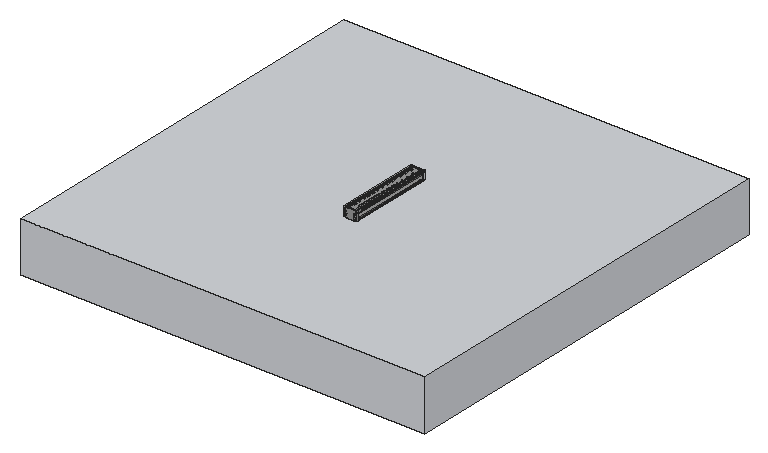
Revit family "L-trade 24-48_body", category Обобщенные модели, Revit 2017
Family settings
  Основа = Грань
  Может служить основой для арматурных стержней = Нет
  Размер круглого соединителя = Использовать диаметр
  Тип детали = Нормальный
  При загрузке вырезать с полостями = Нет
  Общий = Нет
  Точка расчета площади = Нет
Parameters
  Тип торцевой крышки = Trade 24-48 торцевая крышка : Trade Standart
  Расстояние от светильника до плоскости = 55.991 mm
  Default Elevation = 1219.2 mm
  Начало выдавливания = Длина профиля / 2 * (-1)  # -250 mm
  Конец выдавливания = Длина профиля / 2  # 250 mm
  Длина профиля = 500 mm
Reference planes
  plane 1 "По центру (Вперед/Назад)": y = 0
  plane 2: z = 0
  plane 3 "По центру (Влево/Вправо)": x = 0
  plane 4 "Плоскость расположения светильника": z = 55.991
Forms (mm)
  Extrusion 1, solid
    sketch origin (0, 0, 0) x (1, 0, 0) y (0, 1, 0)
      loop
        line (-1219.2, 1219.2) -> (-1219.2, -1219.2) -> (1219.2, -1219.2) -> (1219.2, 1219.2) -> (-1219.2, 1219.2)
    from 0 to -304.8
  Extrusion 2, solid, material "Алюминий"
    sketch origin (-0.012, 0, 76.46) x (0, 0, 1) y (1, 0, 0)
      loop
        line (-78.672, 0.012) -> (-78.672, -3.888) -> (-82.669, -3.888) -> (-82.669, -2.425) -> (-84.669, -2.425) -> (-84.669, -5.925) -> (-78.672, -5.925) -> (-78.672, -15.325) -> (-83.377, -15.325)
        arc (-83.377, -15.325) -> (-84.29, -15.703) -> (-84.669, -16.617) r 1.292
        line (-84.669, -16.617) -> (-84.669, -18.572) -> (-83.467, -18.572)
        arc (-83.467, -18.572) -> (-78.368, -20.295) -> (-83.584, -21.625) r 2.807
        line (-83.584, -21.625) -> (-84.669, -21.625) -> (-84.669, -23.509)
        arc (-84.669, -23.509) -> (-84.283, -24.439) -> (-83.353, -24.825) r 1.316
        line (-83.353, -24.825) -> (-78.672, -24.825)
        arc (-78.672, -24.825) -> (-77.737, -24.537) -> (-77.126, -23.772) r 1.662
        arc (-77.126, -23.772) -> (-76.68, -23.38) -> (-76.102, -23.515) r 0.649
        line (-76.102, -23.515) -> (-74.791, -24.825)
        arc (-74.791, -24.825) -> (-74.508, -26.385) -> (-75.869, -27.199) r 1.392
        line (-75.869, -27.199) -> (-84.669, -27.199) -> (-84.669, -28.199) -> (-75.899, -28.199)
        arc (-75.899, -28.199) -> (-73.59, -26.781) -> (-74.084, -24.118) r 2.392
        line (-74.084, -24.118) -> (-75.394, -22.808)
        arc (-75.394, -22.808) -> (-74.034, -20.274) -> (-71.172, -19.988) r 3.06
        line (-71.172, -19.988) -> (-54.872, -19.988)
        arc (-54.872, -19.988) -> (-52.526, -21.625) -> (-53.252, -24.393) r 2.5
        line (-53.252, -24.393) -> (-66.771, -35.892)
        arc (-66.771, -35.892) -> (-70.002, -37.296) -> (-73.498, -37.73) r 12.359
        arc (-73.498, -37.73) -> (-74.6, -38.168) -> (-75.059, -39.261) r 1.531
        line (-75.059, -39.261) -> (-75.059, -40.53) -> (-72.559, -40.53) -> (-72.559, -39.296) -> (-69.512, -39.296) -> (-69.512, -40.53) -> (-68.084, -40.53)
        arc (-68.084, -40.53) -> (-67.359, -40.23) -> (-67.059, -39.505) r 1.025
        line (-67.059, -39.505) -> (-67.059, -38.53)
        arc (-67.059, -38.53) -> (-66.619, -37.579) -> (-65.879, -36.838) r 3
        line (-65.879, -36.838) -> (-41.59, -19.831)
        arc (-41.59, -19.831) -> (-38.547, -19.573) -> (-36.815, -22.089) r 3.04
        line (-36.815, -22.089) -> (-39.075, -22.907)
        arc (-39.075, -22.907) -> (-39.356, -23.504) -> (-38.761, -23.789) r 0.468
        line (-38.761, -23.789) -> (-36.236, -23.159)
        arc (-36.236, -23.159) -> (-35.817, -24.014) -> (-35.358, -24.848) r 20
        line (-35.358, -24.848) -> (-37.776, -25.759)
        arc (-37.776, -25.759) -> (-38.033, -26.335) -> (-37.455, -26.585) r 0.443
        line (-37.455, -26.585) -> (-34.581, -26.079)
        arc (-34.581, -26.079) -> (-34.016, -26.863) -> (-33.415, -27.618) r 20
        line (-33.415, -27.618) -> (-35.758, -28.447)
        arc (-35.758, -28.447) -> (-36.058, -29.099) -> (-35.397, -29.379) r 0.5
        line (-35.397, -29.379) -> (-32.487, -28.653)
        arc (-32.487, -28.653) -> (-31.594, -29.525) -> (-30.648, -30.34) r 20
        arc (-30.648, -30.34) -> (-32.702, -30.764) -> (-33.833, -32.53) r 2.7
        line (-33.833, -32.53) -> (-32.651, -32.733)
        arc (-32.651, -32.733) -> (-29.783, -32.422) -> (-32.051, -34.204) r 1.5
        line (-32.051, -34.204) -> (-32.906, -35.059)
        arc (-32.906, -35.059) -> (-31.65, -35.646) -> (-30.268, -35.532) r 2.7
        arc (-30.268, -35.532) -> (-29.381, -35.654) -> (-28.969, -36.449) r 0.973
        line (-28.969, -36.449) -> (-28.969, -41.973) -> (-20.469, -41.973) -> (-20.469, -37.073) -> (-20.128, -33.175) -> (-21.124, -33.088) -> (-21.472, -37.073) -> (-24.972, -37.073) -> (-24.972, -36.073) -> (-26.972, -36.073) -> (-26.972, -33.073) -> (-24.972, -33.073) -> (-24.972, -31.467)
        arc (-24.972, -31.467) -> (-32.5, -25.635) -> (-36.012, -16.784) r 18.05
        line (-36.012, -16.784) -> (-36.012, -14.788) -> (-36.972, -14.788) -> (-36.972, -16.788) -> (-38.672, -16.788) -> (-38.672, 16.812) -> (-36.972, 16.812) -> (-36.972, 14.812) -> (-36.012, 14.812) -> (-36.012, 16.808)
        arc (-36.012, 16.808) -> (-32.5, 25.659) -> (-24.972, 31.491) r 18.05
        line (-24.972, 31.491) -> (-24.972, 33.096) -> (-26.972, 33.096) -> (-26.972, 36.096) -> (-24.972, 36.096) -> (-24.972, 37.096) -> (-21.472, 37.096) -> (-21.124, 33.111) -> (-20.128, 33.198) -> (-20.469, 37.096) -> (-20.469, 41.996) -> (-28.969, 41.996) -> (-28.969, 36.473)
        arc (-28.969, 36.473) -> (-29.381, 35.678) -> (-30.268, 35.556) r 0.973
        arc (-30.268, 35.556) -> (-31.65, 35.669) -> (-32.906, 35.082) r 2.7
        line (-32.906, 35.082) -> (-32.051, 34.227)
        arc (-32.051, 34.227) -> (-29.783, 32.445) -> (-32.651, 32.757) r 1.5
        line (-32.651, 32.757) -> (-33.833, 32.553)
        arc (-33.833, 32.553) -> (-32.702, 30.787) -> (-30.648, 30.363) r 2.7
        arc (-30.648, 30.363) -> (-31.594, 29.548) -> (-32.487, 28.676) r 20
        line (-32.487, 28.676) -> (-35.397, 29.402)
        arc (-35.397, 29.402) -> (-36.058, 29.122) -> (-35.758, 28.47) r 0.5
        line (-35.758, 28.47) -> (-33.415, 27.642)
        arc (-33.415, 27.642) -> (-34.016, 26.886) -> (-34.581, 26.102) r 20
        line (-34.581, 26.102) -> (-37.455, 26.609)
        arc (-37.455, 26.609) -> (-38.033, 26.358) -> (-37.776, 25.782) r 0.443
        line (-37.776, 25.782) -> (-35.358, 24.871)
        arc (-35.358, 24.871) -> (-35.817, 24.037) -> (-36.236, 23.183) r 20
        line (-36.236, 23.183) -> (-38.761, 23.812)
        arc (-38.761, 23.812) -> (-39.356, 23.527) -> (-39.075, 22.93) r 0.468
        line (-39.075, 22.93) -> (-36.815, 22.112)
        arc (-36.815, 22.112) -> (-38.547, 19.596) -> (-41.59, 19.854) r 3.04
        line (-41.59, 19.854) -> (-65.879, 36.861)
        arc (-65.879, 36.861) -> (-66.619, 37.603) -> (-67.059, 38.554) r 3
        line (-67.059, 38.554) -> (-67.059, 39.528)
        arc (-67.059, 39.528) -> (-67.359, 40.253) -> (-68.084, 40.554) r 1.025
        line (-68.084, 40.554) -> (-69.512, 40.554) -> (-69.512, 39.32) -> (-72.559, 39.32) -> (-72.559, 40.554) -> (-75.059, 40.554) -> (-75.059, 39.284)
        arc (-75.059, 39.284) -> (-74.6, 38.191) -> (-73.498, 37.754) r 1.531
        arc (-73.498, 37.754) -> (-70.002, 37.319) -> (-66.771, 35.915) r 12.359
        line (-66.771, 35.915) -> (-53.252, 24.416)
        arc (-53.252, 24.416) -> (-52.526, 21.649) -> (-54.872, 20.012) r 2.5
        line (-54.872, 20.012) -> (-71.172, 20.012)
        arc (-71.172, 20.012) -> (-74.034, 20.298) -> (-75.394, 22.831) r 3.06
        line (-75.394, 22.831) -> (-74.084, 24.141)
        arc (-74.084, 24.141) -> (-73.59, 26.805) -> (-75.899, 28.222) r 2.392
        line (-75.899, 28.222) -> (-84.669, 28.222) -> (-84.669, 27.222) -> (-75.869, 27.222)
        arc (-75.869, 27.222) -> (-74.508, 26.409) -> (-74.791, 24.848) r 1.392
        line (-74.791, 24.848) -> (-76.102, 23.538)
        arc (-76.102, 23.538) -> (-76.68, 23.403) -> (-77.126, 23.795) r 0.649
        arc (-77.126, 23.795) -> (-77.737, 24.56) -> (-78.672, 24.848) r 1.662
        line (-78.672, 24.848) -> (-83.353, 24.848)
        arc (-83.353, 24.848) -> (-84.283, 24.463) -> (-84.669, 23.532) r 1.316
        line (-84.669, 23.532) -> (-84.669, 21.648) -> (-83.584, 21.648)
        arc (-83.584, 21.648) -> (-78.368, 20.319) -> (-83.467, 18.596) r 2.807
        line (-83.467, 18.596) -> (-84.669, 18.596) -> (-84.669, 16.641)
        arc (-84.669, 16.641) -> (-84.29, 15.727) -> (-83.377, 15.348) r 1.292
        line (-83.377, 15.348) -> (-78.672, 15.348) -> (-78.672, 5.948) -> (-84.669, 5.948) -> (-84.669, 2.448) -> (-82.669, 2.448) -> (-82.669, 3.912) -> (-78.672, 3.912) -> (-78.672, 0.012)
    from -250 <- "Начало выдавливания" to 250 <- "Конец выдавливания"
  Extrusion 3, solid, material "Стекло, прозрачное остекление"
    sketch origin (-0.012, 0.083, 76.46) x (-1, 0, 0) y (0, 0, -1)
      loop
        line (21.96, 21.47) -> (21.96, 24.47) -> (-21.96, 24.47) -> (-21.96, 21.47) -> (21.96, 21.47)
    from -250 <- "Начало выдавливания" to 250 <- "Конец выдавливания"
Dimensions and locks
  "Расстояние от светильника до плоскости": plane 4 "Плоскость расположения светильника" to Extrusion 1
  aligned and locked: plane 2 to Extrusion 1
  aligned and locked: level to Extrusion 1
Automatic sketch dimensions
  Extrusion 1 sketch curve to Extrusion 1 sketch curve = 2438.4 mm  (x2)
  Extrusion 3 sketch curve to plane 4 "Плоскость расположения светильника" = 1.002 mm
  plane 3 "По центру (Влево/Вправо)" to Extrusion 3 sketch curve = 21.949 mm
  Extrusion 3 sketch curve to plane 4 "Плоскость расположения светильника" = 4.002 mm
  Extrusion 3 sketch curve to plane 3 "По центру (Влево/Вправо)" = 21.972 mm
  Extrusion 2 sketch curve to Extrusion 2 sketch curve = 0 mm  (x28)
  Extrusion 2 sketch curve to plane 3 "По центру (Влево/Вправо)" = 0 mm
  Extrusion 2 sketch curve to plane 4 "Плоскость расположения светильника" = 0 mm  (x2)
  Extrusion 2 sketch curve to plane 4 "Плоскость расположения светильника" = 0.655 mm  (x2)
  Extrusion 2 sketch curve to plane 4 "Плоскость расположения светильника" = 1.004 mm  (x2)
  Extrusion 2 sketch curve to Extrusion 2 sketch curve = 3.5 mm  (x2)
  Extrusion 2 sketch curve to Extrusion 2 sketch curve = 3.849 mm
  Extrusion 2 sketch curve to Extrusion 2 sketch curve = 2 mm  (x5)
  Extrusion 2 sketch curve to Extrusion 2 sketch curve = 1.996 mm  (x4)
  Extrusion 2 sketch curve to Extrusion 2 sketch curve = 0.973 mm  (x2)
  Extrusion 2 sketch curve to Extrusion 2 sketch curve = 1.23 mm  (x2)
  Extrusion 2 sketch curve to Extrusion 2 sketch curve = 0.879 mm  (x2)
  Extrusion 2 sketch curve to Extrusion 2 sketch curve = 1.314 mm  (x2)
  Extrusion 2 sketch curve to Extrusion 2 sketch curve = 1.478 mm  (x2)
  Extrusion 2 sketch curve to Extrusion 2 sketch curve = 0.855 mm  (x4)
  Extrusion 2 sketch curve to Extrusion 2 sketch curve = 0.928 mm  (x2)
  Extrusion 2 sketch curve to Extrusion 2 sketch curve = 1.183 mm  (x2)
  Extrusion 2 sketch curve to Extrusion 2 sketch curve = 1.166 mm  (x2)
  Extrusion 2 sketch curve to Extrusion 2 sketch curve = 0.778 mm  (x2)
  Extrusion 2 sketch curve to Extrusion 2 sketch curve = 1.982 mm  (x2)
  Extrusion 2 sketch curve to Extrusion 2 sketch curve = 0.195 mm  (x2)
  Extrusion 2 sketch curve to Extrusion 2 sketch curve = 0.167 mm  (x2)
  Extrusion 2 sketch curve to Extrusion 2 sketch curve = 0.653 mm  (x2)
  Extrusion 2 sketch curve to Extrusion 2 sketch curve = 0.878 mm  (x2)
  Extrusion 2 sketch curve to Extrusion 2 sketch curve = 0.579 mm  (x2)
  Extrusion 2 sketch curve to Extrusion 2 sketch curve = 0.961 mm  (x2)
  Extrusion 2 sketch curve to Extrusion 2 sketch curve = 2.262 mm  (x2)
  Extrusion 2 sketch curve to Extrusion 2 sketch curve = 1.7 mm
  Extrusion 2 sketch curve to Extrusion 2 sketch curve = 1.946 mm  (x2)
  Extrusion 2 sketch curve to Extrusion 2 sketch curve = 0.154 mm  (x2)
  Extrusion 2 sketch curve to Extrusion 2 sketch curve = 0.159 mm  (x2)
  Extrusion 2 sketch curve to Extrusion 2 sketch curve = 0.772 mm  (x2)
  Extrusion 2 sketch curve to Extrusion 2 sketch curve = 1.744 mm  (x2)
  Extrusion 2 sketch curve to Extrusion 2 sketch curve = 11.663 mm  (x2)
  Extrusion 2 sketch curve to Extrusion 2 sketch curve = 1.62 mm  (x2)
  level to Extrusion 2 sketch curve = 12.302 mm  (x2)
  Extrusion 2 sketch curve to Extrusion 2 sketch curve = 1.721 mm  (x2)
  Extrusion 2 sketch curve to Extrusion 2 sketch curve = 0.892 mm  (x2)
  Extrusion 2 sketch curve to Extrusion 2 sketch curve = 1.18 mm
  Extrusion 2 sketch curve to Extrusion 2 sketch curve = 2.901 mm
  Extrusion 2 sketch curve to Extrusion 2 sketch curve = 1.025 mm  (x2)
  Extrusion 2 sketch curve to Extrusion 2 sketch curve = 1.428 mm  (x2)
  level to Extrusion 2 sketch curve = 5.287 mm  (x2)
  Extrusion 2 sketch curve to Extrusion 2 sketch curve = 1.162 mm  (x2)
  Extrusion 2 sketch curve to Extrusion 2 sketch curve = 3.047 mm  (x2)
  Extrusion 2 sketch curve to Extrusion 2 sketch curve = 0.925 mm  (x2)
  Extrusion 2 sketch curve to Extrusion 2 sketch curve = 0.969 mm  (x2)
  Extrusion 2 sketch curve to Extrusion 2 sketch curve = 0.825 mm  (x2)
  Extrusion 2 sketch curve to Extrusion 2 sketch curve = 0.707 mm  (x6)
  level to Extrusion 2 sketch curve = 1.401 mm  (x2)
  level to Extrusion 2 sketch curve = 1.065 mm  (x2)
  level to Extrusion 2 sketch curve = 0.684 mm  (x2)
  level to Extrusion 2 sketch curve = 0.59 mm  (x2)
  level to Extrusion 2 sketch curve = 0.561 mm  (x2)
  level to Extrusion 2 sketch curve = 0.358 mm  (x2)
  Extrusion 2 sketch curve to level = 0.062 mm  (x2)
  Extrusion 2 sketch curve to level = 2.213 mm  (x4)
  Extrusion 2 sketch curve to Extrusion 2 sketch curve = 2.5 mm  (x4)
  Extrusion 2 sketch curve to Extrusion 2 sketch curve = 3.997 mm  (x2)
  Extrusion 2 sketch curve to Extrusion 2 sketch curve = 4.68 mm
  Extrusion 2 sketch curve to Extrusion 2 sketch curve = 2.18 mm
  Extrusion 2 sketch curve to Extrusion 2 sketch curve = 4.704 mm
  Extrusion 2 sketch curve to Extrusion 2 sketch curve = 2.204 mm
  Extrusion 2 sketch curve to Extrusion 2 sketch curve = 0.091 mm  (x2)
  Extrusion 2 sketch curve to Extrusion 2 sketch curve = 0.231 mm  (x2)
  Extrusion 2 sketch curve to Extrusion 2 sketch curve = 1.316 mm  (x3)
  Extrusion 2 sketch curve to Extrusion 2 sketch curve = 1.202 mm  (x2)
  Extrusion 2 sketch curve to Extrusion 2 sketch curve = 1.085 mm
  plane 4 "Плоскость расположения светильника" to Extrusion 2 sketch curve = 0.341 mm  (x2)
  plane 4 "Плоскость расположения светильника" to Extrusion 2 sketch curve = 2.396 mm  (x2)
  Extrusion 2 sketch curve to plane 3 "По центру (Влево/Вправо)" = 2.437 mm
  Extrusion 2 sketch curve to plane 3 "По центру (Влево/Вправо)" = 3.9 mm
  Extrusion 2 sketch curve to Extrusion 2 sketch curve = 2.037 mm  (x2)
  Extrusion 2 sketch curve to plane 3 "По центру (Влево/Вправо)" = 14.8 mm  (x2)
  Extrusion 2 sketch curve to Extrusion 2 sketch curve = 9.4 mm  (x2)
  Extrusion 2 sketch curve to Extrusion 2 sketch curve = 0.004 mm
  Extrusion 2 sketch curve to Extrusion 2 sketch curve = 1.955 mm  (x2)
  Extrusion 2 sketch curve to Extrusion 2 sketch curve = 3.042 mm  (x2)
  Extrusion 2 sketch curve to Extrusion 2 sketch curve = 0.158 mm
  Extrusion 2 sketch curve to Extrusion 2 sketch curve = 1.616 mm  (x2)
  Extrusion 2 sketch curve to Extrusion 2 sketch curve = 2.258 mm  (x2)
  Extrusion 2 sketch curve to Extrusion 2 sketch curve = 2.819 mm  (x2)
  Extrusion 2 sketch curve to Extrusion 2 sketch curve = 0.586 mm  (x2)
  Extrusion 2 sketch curve to Extrusion 2 sketch curve = 1.071 mm  (x2)
  Extrusion 2 sketch curve to Extrusion 2 sketch curve = 0.355 mm  (x2)
  Extrusion 2 sketch curve to Extrusion 2 sketch curve = 0.44 mm  (x2)
  Extrusion 2 sketch curve to Extrusion 2 sketch curve = 1.884 mm  (x2)
  Extrusion 2 sketch curve to Extrusion 2 sketch curve = 0.495 mm  (x2)
  Extrusion 2 sketch curve to Extrusion 2 sketch curve = 1.31 mm  (x2)
  Extrusion 2 sketch curve to Extrusion 2 sketch curve = 1.256 mm  (x2)
  Extrusion 2 sketch curve to Extrusion 2 sketch curve = 0.985 mm  (x2)
  Extrusion 2 sketch curve to Extrusion 2 sketch curve = 1.231 mm  (x2)
  Extrusion 2 sketch curve to Extrusion 2 sketch curve = 1.326 mm  (x2)
  Extrusion 2 sketch curve to Extrusion 2 sketch curve = 0.829 mm  (x2)
  Extrusion 2 sketch curve to Extrusion 2 sketch curve = 1.035 mm  (x2)
  Extrusion 2 sketch curve to Extrusion 2 sketch curve = 0.471 mm  (x2)
  Extrusion 2 sketch curve to Extrusion 2 sketch curve = 3.151 mm  (x2)
  Extrusion 2 sketch curve to Extrusion 2 sketch curve = 0.204 mm  (x2)
  Extrusion 2 sketch curve to Extrusion 2 sketch curve = 0.255 mm  (x2)
  Extrusion 2 sketch curve to Extrusion 2 sketch curve = 1.605 mm  (x2)
  Extrusion 2 sketch curve to Extrusion 2 sketch curve = 0.015 mm  (x2)
  Extrusion 2 sketch curve to Extrusion 2 sketch curve = 0.087 mm  (x2)
  Extrusion 2 sketch curve to Extrusion 2 sketch curve = 7.693 mm  (x2)
  Extrusion 2 sketch curve to Extrusion 2 sketch curve = 1 mm  (x2)
  Extrusion 2 sketch curve to Extrusion 2 sketch curve = 0.377 mm  (x2)
  Extrusion 2 sketch curve to Extrusion 2 sketch curve = 0.946 mm  (x2)
  Extrusion 2 sketch curve to Extrusion 2 sketch curve = 1.692 mm  (x2)
  Extrusion 2 sketch curve to Extrusion 2 sketch curve = 0.731 mm  (x2)
  Extrusion 2 sketch curve to Extrusion 2 sketch curve = 0.035 mm
  Extrusion 2 sketch curve to Extrusion 2 sketch curve = 0.975 mm  (x2)
  Extrusion 2 sketch curve to Extrusion 2 sketch curve = 1.269 mm
  Extrusion 2 sketch curve to Extrusion 2 sketch curve = 4.9 mm
  plane 3 "По центру (Влево/Вправо)" to Extrusion 2 sketch curve = 2.437 mm
  Extrusion 2 sketch curve to Extrusion 2 sketch curve = 1.463 mm
  plane 3 "По центру (Влево/Вправо)" to Extrusion 2 sketch curve = 14.8 mm  (x2)
  Extrusion 2 sketch curve to Extrusion 2 sketch curve = 4.663 mm
  Extrusion 2 sketch curve to Extrusion 2 sketch curve = 0.766 mm
  Extrusion 2 sketch curve to Extrusion 2 sketch curve = 1.234 mm
  Extrusion 2 sketch curve to Extrusion 2 sketch curve = 5.523 mm
  Extrusion 2 sketch curve to Extrusion 2 sketch curve = 0.165 mm  (x2)
  Extrusion 2 sketch curve to Extrusion 2 sketch curve = 0.156 mm  (x2)
  Extrusion 2 sketch curve to Extrusion 2 sketch curve = 0.415 mm  (x2)
Nested families
  nested 1: "Trade 24-48 торцевая крышка" at (0.555, 0.024, 0), type <- "Тип торцевой крышки", type "Trade Standart"
    with Расстояние до плоскости 55.991 mm, Начало профиля 250 mm, Конец профиля 250 mm, Длина профиля 500 mm
  nested 2: "Trade 24-48 торцевая крышка" at (0.452, 0, 0), type <- "Тип торцевой крышки", type "Trade Standart"
    with Расстояние до плоскости 55.991 mm, Начало профиля 250 mm, Конец профиля 250 mm, Длина профиля 500 mm
Definition of nested family "Trade 24-48 торцевая крышка"
  Parameters (values of type "Trade 24-48 торцевая крышка")
    Расстояние до плоскости = 150 mm
    Default Elevation = 1219.2 mm
    Начало профиля = 249.976 mm
    Конец профиля = Начало профиля  # 249.976 mm
    Длина профиля = Начало профиля * 2  # 499.952 mm
  Reference planes
    plane 1 "По центру (Вперед/Назад)": y = 0
    plane 2: z = 0
    plane 3 "По центру (Влево/Вправо)": x = 0
    plane 4 "Плоскость светильника": z = 150
  Forms (mm)
    Extrusion 1, solid
      sketch origin (0, 0, 0) x (1, 0, 0) y (0, 1, 0)
        loop
          line (-1219.2, 1219.2) -> (-1219.2, -1219.2) -> (1219.2, -1219.2) -> (1219.2, 1219.2) -> (-1219.2, 1219.2)
      from 0 to -304.8
    Extrusion 2, solid
      sketch origin (-19.367, -249.976, 150) x (1, 0, 0) y (0, 0, 1)
        loop
          line (-19.221, 0) -> (-19.221, -52.919) -> (-10.867, -52.919)
          arc (-10.867, -52.919) -> (-6.009, -53.518) -> (-1.441, -55.28) r 20
          line (-1.441, -55.28) -> (3.39, -58.299)
          arc (3.39, -58.299) -> (3.801, -58.687) -> (4.03, -59.204) r 1.436
          line (4.03, -59.204) -> (13.43, -59.204)
          arc (13.43, -59.204) -> (14.332, -58.467) -> (15.467, -58.204) r 2.574
          line (15.467, -58.204) -> (19.367, -58.204) -> (23.267, -58.204)
          arc (23.267, -58.204) -> (24.401, -58.467) -> (25.303, -59.204) r 2.574
          line (25.303, -59.204) -> (34.703, -59.204)
          arc (34.703, -59.204) -> (34.933, -58.687) -> (35.344, -58.299) r 1.436
          line (35.344, -58.299) -> (40.175, -55.28)
          arc (40.175, -55.28) -> (44.742, -53.518) -> (49.601, -52.919) r 20
          line (49.601, -52.919) -> (57.954, -52.919) -> (57.954, 0) -> (19.367, 0) -> (-19.221, 0)
        loop
          arc (-9.318, -51.37) -> (-5.4, -51.758) -> (-1.633, -52.906) r 20
          line (-1.633, -52.906) -> (-1.633, -34.404)
          arc (-1.633, -34.404) -> (-2.615, -32.996) -> (-4.276, -33.432) r 1.5
          line (-4.276, -33.432) -> (-15.725, -46.891)
          arc (-15.725, -46.891) -> (-16.329, -48.024) -> (-16.801, -49.218) r 11.359
          arc (-16.801, -49.218) -> (-16.574, -50.692) -> (-15.247, -51.37) r 1.637
          line (-15.247, -51.37) -> (-9.318, -51.37)
        loop
          line (-14.324, -39.155) -> (-1.295, -20.548)
          arc (-1.295, -20.548) -> (-1.025, -18.749) -> (-2.299, -17.45) r 2.04
          arc (-2.299, -17.45) -> (-4.877, -16.36) -> (-7.288, -14.938) r 21
          arc (-7.288, -14.938) -> (-8.685, -13.894) -> (-9.991, -12.739) r 21
          arc (-9.991, -12.739) -> (-11.447, -11.189) -> (-12.739, -9.499) r 21
          arc (-12.739, -9.499) -> (-14.944, -10.099) -> (-17.221, -10.29) r 12.546
          line (-17.221, -10.29) -> (-17.221, -38.242)
          arc (-17.221, -38.242) -> (-16.107, -39.761) -> (-14.324, -39.155) r 1.592
        loop
          line (48.051, -51.37) -> (53.98, -51.37)
          arc (53.98, -51.37) -> (55.308, -50.692) -> (55.534, -49.218) r 1.637
          arc (55.534, -49.218) -> (55.062, -48.024) -> (54.458, -46.891) r 11.359
          line (54.458, -46.891) -> (43.009, -33.432)
          arc (43.009, -33.432) -> (41.349, -32.996) -> (40.367, -34.404) r 1.5
          line (40.367, -34.404) -> (40.367, -52.906)
          arc (40.367, -52.906) -> (44.133, -51.758) -> (48.051, -51.37) r 20
        loop
          arc (53.057, -39.155) -> (54.841, -39.761) -> (55.954, -38.242) r 1.592
          line (55.954, -38.242) -> (55.954, -10.29)
          arc (55.954, -10.29) -> (53.677, -10.099) -> (51.473, -9.499) r 12.546
          arc (51.473, -9.499) -> (50.181, -11.189) -> (48.725, -12.739) r 21
          arc (48.725, -12.739) -> (47.419, -13.894) -> (46.022, -14.938) r 21
          arc (46.022, -14.938) -> (43.611, -16.36) -> (41.032, -17.45) r 21
          arc (41.032, -17.45) -> (39.759, -18.749) -> (40.028, -20.548) r 2.04
          line (40.028, -20.548) -> (53.057, -39.155)
      from 0 to 5
    Extrusion 3, solid
      sketch origin (18.233, 249.976, 150) x (-1, 0, 0) y (0, 0, 1)
        loop
          line (56.821, 0) -> (18.233, 0) -> (-20.354, 0) -> (-20.354, -52.919) -> (-12.001, -52.919)
          arc (-12.001, -52.919) -> (-7.142, -53.518) -> (-2.575, -55.28) r 20
          line (-2.575, -55.28) -> (2.256, -58.299)
          arc (2.256, -58.299) -> (2.667, -58.687) -> (2.897, -59.204) r 1.436
          line (2.897, -59.204) -> (12.297, -59.204)
          arc (12.297, -59.204) -> (13.199, -58.467) -> (14.333, -58.204) r 2.574
          line (14.333, -58.204) -> (18.233, -58.204) -> (22.133, -58.204)
          arc (22.133, -58.204) -> (23.268, -58.467) -> (24.17, -59.204) r 2.574
          line (24.17, -59.204) -> (33.57, -59.204)
          arc (33.57, -59.204) -> (33.799, -58.687) -> (34.21, -58.299) r 1.436
          line (34.21, -58.299) -> (39.041, -55.28)
          arc (39.041, -55.28) -> (43.609, -53.518) -> (48.467, -52.919) r 20
          line (48.467, -52.919) -> (56.821, -52.919) -> (56.821, 0)
        loop
          line (46.918, -51.37) -> (52.847, -51.37)
          arc (52.847, -51.37) -> (54.174, -50.692) -> (54.401, -49.218) r 1.637
          arc (54.401, -49.218) -> (53.929, -48.024) -> (53.325, -46.891) r 11.359
          line (53.325, -46.891) -> (41.876, -33.432)
          arc (41.876, -33.432) -> (40.215, -32.996) -> (39.233, -34.404) r 1.5
          line (39.233, -34.404) -> (39.233, -52.906)
          arc (39.233, -52.906) -> (43, -51.758) -> (46.918, -51.37) r 20
        loop
          arc (51.924, -39.155) -> (53.707, -39.761) -> (54.821, -38.242) r 1.592
          line (54.821, -38.242) -> (54.821, -10.29)
          arc (54.821, -10.29) -> (52.544, -10.099) -> (50.339, -9.499) r 12.546
          arc (50.339, -9.499) -> (49.047, -11.189) -> (47.591, -12.739) r 21
          arc (47.591, -12.739) -> (46.285, -13.894) -> (44.888, -14.938) r 21
          arc (44.888, -14.938) -> (42.477, -16.36) -> (39.899, -17.45) r 21
          arc (39.899, -17.45) -> (38.625, -18.749) -> (38.895, -20.548) r 2.04
          line (38.895, -20.548) -> (51.924, -39.155)
        loop
          arc (-10.451, -51.37) -> (-6.533, -51.758) -> (-2.767, -52.906) r 20
          line (-2.767, -52.906) -> (-2.767, -34.404)
          arc (-2.767, -34.404) -> (-3.749, -32.996) -> (-5.409, -33.432) r 1.5
          line (-5.409, -33.432) -> (-16.858, -46.891)
          arc (-16.858, -46.891) -> (-17.462, -48.024) -> (-17.934, -49.218) r 11.359
          arc (-17.934, -49.218) -> (-17.708, -50.692) -> (-16.38, -51.37) r 1.637
          line (-16.38, -51.37) -> (-10.451, -51.37)
        loop
          line (-15.457, -39.155) -> (-2.428, -20.548)
          arc (-2.428, -20.548) -> (-2.159, -18.749) -> (-3.432, -17.45) r 2.04
          arc (-3.432, -17.45) -> (-6.011, -16.36) -> (-8.422, -14.938) r 21
          arc (-8.422, -14.938) -> (-9.819, -13.894) -> (-11.125, -12.739) r 21
          arc (-11.125, -12.739) -> (-12.581, -11.189) -> (-13.873, -9.499) r 21
          arc (-13.873, -9.499) -> (-16.077, -10.099) -> (-18.354, -10.29) r 12.546
          line (-18.354, -10.29) -> (-18.354, -38.242)
          arc (-18.354, -38.242) -> (-17.241, -39.761) -> (-15.457, -39.155) r 1.592
      from 0 to 5
    Extrusion 4, solid
      sketch origin (0, -398.223, 150) x (0, -1, 0) y (1, 0, 0)
        loop
          line (-153.247, 18.233) -> (-153.247, -19.367) -> (-148.247, -19.367) -> (-148.247, 18.233) -> (-153.247, 18.233)
        loop
          line (-648.199, -19.367) -> (-643.199, -19.367) -> (-643.199, 18.233) -> (-648.199, 18.233) -> (-648.199, -19.367)
      from 0 to -1
  Dimensions and locks
    "Расстояние до плоскости": plane 4 "Плоскость светильника" to Extrusion 1
    "Конец профиля": plane 1 "По центру (Вперед/Назад)" to Extrusion 4
    "Начало профиля": Extrusion 4 to plane 1 "По центру (Вперед/Назад)"
    aligned and locked: plane 2 to Extrusion 1
    aligned and locked: level to Extrusion 1
  Automatic sketch dimensions
    Extrusion 1 sketch curve to Extrusion 1 sketch curve = 2438.4 mm  (x2)
    Extrusion 3 sketch curve to Extrusion 3 sketch curve = 0 mm  (x16)
    Extrusion 3 sketch curve to Extrusion 3 sketch curve = 2.098 mm  (x2)
    Extrusion 3 sketch curve to Extrusion 3 sketch curve = 1.592 mm  (x2)
    Extrusion 3 sketch curve to Extrusion 3 sketch curve = 0.478 mm  (x2)
    Extrusion 3 sketch curve to Extrusion 3 sketch curve = 1.304 mm  (x2)
    Extrusion 3 sketch curve to Extrusion 3 sketch curve = 1.55 mm  (x2)
    Extrusion 3 sketch curve to Extrusion 3 sketch curve = 3.299 mm
    Extrusion 3 sketch curve to Extrusion 3 sketch curve = 1.143 mm  (x2)
    Extrusion 3 sketch curve to Extrusion 3 sketch curve = 1.5 mm  (x2)
    Extrusion 3 sketch curve to Extrusion 3 sketch curve = 0.192 mm
    Extrusion 3 sketch curve to Extrusion 3 sketch curve = 1.671 mm  (x2)
    Extrusion 3 sketch curve to Extrusion 3 sketch curve = 4.07 mm
    Extrusion 3 sketch curve to Extrusion 3 sketch curve = 0.761 mm
    Extrusion 3 sketch curve to Extrusion 3 sketch curve = 0.641 mm  (x2)
    Extrusion 3 sketch curve to Extrusion 3 sketch curve = 9.4 mm  (x2)
    Extrusion 3 sketch curve to Extrusion 3 sketch curve = 2.037 mm  (x2)
    Extrusion 3 sketch curve to Extrusion 3 sketch curve = 3.9 mm  (x2)
    Extrusion 3 sketch curve to Extrusion 3 sketch curve = 14.8 mm  (x2)
    Extrusion 4 to Extrusion 3 sketch curve = 58.299 mm
    Extrusion 3 sketch curve to Extrusion 3 sketch curve = 1.402 mm
    Extrusion 3 sketch curve to Extrusion 3 sketch curve = 5.861 mm
    Extrusion 3 sketch curve to Extrusion 3 sketch curve = 4.831 mm
    Extrusion 3 sketch curve to Extrusion 3 sketch curve = 0.339 mm
    Extrusion 3 sketch curve to Extrusion 3 sketch curve = 4.386 mm
    Extrusion 3 sketch curve to Extrusion 3 sketch curve = 11.946 mm
    Extrusion 3 sketch curve to Extrusion 3 sketch curve = 10.048 mm
    Extrusion 3 sketch curve to Extrusion 3 sketch curve = 4.379 mm
    Extrusion 3 sketch curve to Extrusion 3 sketch curve = 21.689 mm
    Extrusion 4 to Extrusion 3 sketch curve = 72.919 mm  (x2)
    Extrusion 3 sketch curve to Extrusion 3 sketch curve = 1.549 mm  (x2)
    Extrusion 3 sketch curve to Extrusion 3 sketch curve = 2.479 mm
    Extrusion 3 sketch curve to Extrusion 3 sketch curve = 1.261 mm
    Extrusion 3 sketch curve to Extrusion 3 sketch curve = 1.218 mm
    Extrusion 3 sketch curve to Extrusion 3 sketch curve = 3.018 mm  (x2)
    Extrusion 3 sketch curve to Extrusion 3 sketch curve = 2.375 mm  (x2)
    Extrusion 3 sketch curve to Extrusion 3 sketch curve = 1.421 mm  (x2)
    Extrusion 3 sketch curve to Extrusion 3 sketch curve = 1.637 mm  (x2)
    Extrusion 3 sketch curve to Extrusion 3 sketch curve = 2.327 mm  (x2)
    Extrusion 3 sketch curve to Extrusion 3 sketch curve = 7.735 mm  (x2)
    Extrusion 3 sketch curve to Extrusion 3 sketch curve = 4.752 mm  (x2)
    Extrusion 3 sketch curve to Extrusion 3 sketch curve = 12.884 mm  (x2)
    Extrusion 3 sketch curve to Extrusion 3 sketch curve = 1.17 mm  (x2)
    Extrusion 3 sketch curve to Extrusion 3 sketch curve = 9.088 mm  (x2)
    Extrusion 3 sketch curve to Extrusion 3 sketch curve = 20.548 mm
    Extrusion 3 sketch curve to Extrusion 3 sketch curve = 2.256 mm  (x2)
    Extrusion 3 sketch curve to Extrusion 3 sketch curve = 2.396 mm  (x2)
    Extrusion 3 sketch curve to Extrusion 3 sketch curve = 2.703 mm  (x2)
    Extrusion 3 sketch curve to Extrusion 3 sketch curve = 4.989 mm
    Extrusion 2 sketch curve to Extrusion 2 sketch curve = 0 mm  (x16)
    Extrusion 4 to Extrusion 2 sketch curve = 52.919 mm
    Extrusion 2 sketch curve to Extrusion 2 sketch curve = 2 mm
    Extrusion 2 sketch curve to Extrusion 2 sketch curve = 2.098 mm  (x2)
    Extrusion 4 to Extrusion 2 sketch curve = 46.891 mm
    Extrusion 2 sketch curve to Extrusion 2 sketch curve = 3.496 mm
    Extrusion 2 sketch curve to Extrusion 2 sketch curve = 1.592 mm
    Extrusion 2 sketch curve to Extrusion 2 sketch curve = 0.478 mm  (x2)
    Extrusion 4 to Extrusion 2 sketch curve = 39.155 mm
    Extrusion 2 sketch curve to Extrusion 2 sketch curve = 1.304 mm  (x2)
    Extrusion 4 to Extrusion 2 sketch curve = 72.919 mm  (x2)
    Extrusion 2 sketch curve to Extrusion 2 sketch curve = 8.353 mm
    Extrusion 2 sketch curve to Extrusion 2 sketch curve = 1.55 mm  (x2)
    Extrusion 2 sketch curve to Extrusion 2 sketch curve = 3.299 mm
    Extrusion 2 sketch curve to Extrusion 2 sketch curve = 10.048 mm  (x2)
    Extrusion 2 sketch curve to Extrusion 2 sketch curve = 1.143 mm  (x2)
    Extrusion 2 sketch curve to Extrusion 2 sketch curve = 1.31 mm
    Extrusion 2 sketch curve to Extrusion 2 sketch curve = 1.5 mm  (x2)
    Extrusion 4 to Extrusion 2 sketch curve = 55.28 mm
    Extrusion 2 sketch curve to Extrusion 2 sketch curve = 1.671 mm  (x2)
    Extrusion 2 sketch curve to Extrusion 2 sketch curve = 4.07 mm
    Extrusion 4 to Extrusion 2 sketch curve = 58.299 mm  (x2)
    Extrusion 2 sketch curve to Extrusion 2 sketch curve = 0.761 mm  (x2)
    Extrusion 2 sketch curve to Extrusion 2 sketch curve = 0.641 mm  (x2)
    Extrusion 2 sketch curve to Extrusion 2 sketch curve = 21.689 mm  (x2)
    Extrusion 2 sketch curve to Extrusion 2 sketch curve = 9.4 mm  (x2)
    Extrusion 2 sketch curve to Extrusion 2 sketch curve = 2.037 mm  (x2)
    Extrusion 2 sketch curve to Extrusion 2 sketch curve = 3.9 mm  (x2)
    Extrusion 2 sketch curve to Extrusion 2 sketch curve = 14.8 mm  (x2)
    Extrusion 2 sketch curve to Extrusion 2 sketch curve = 5.861 mm
    Extrusion 2 sketch curve to Extrusion 2 sketch curve = 4.831 mm
    Extrusion 2 sketch curve to Extrusion 2 sketch curve = 0.192 mm
    Extrusion 2 sketch curve to Extrusion 2 sketch curve = 4.386 mm
    Extrusion 2 sketch curve to Extrusion 2 sketch curve = 11.946 mm
    Extrusion 2 sketch curve to Extrusion 2 sketch curve = 4.379 mm
    Extrusion 2 sketch curve to Extrusion 2 sketch curve = 0.098 mm
    Extrusion 2 sketch curve to Extrusion 2 sketch curve = 1.549 mm  (x2)
    Extrusion 2 sketch curve to Extrusion 2 sketch curve = 2.479 mm
    Extrusion 2 sketch curve to Extrusion 2 sketch curve = 1.218 mm
    Extrusion 2 sketch curve to Extrusion 2 sketch curve = 3.018 mm
    Extrusion 2 sketch curve to Extrusion 2 sketch curve = 2.375 mm  (x2)
    Extrusion 2 sketch curve to Extrusion 2 sketch curve = 1.421 mm  (x2)
    Extrusion 2 sketch curve to Extrusion 2 sketch curve = 1.637 mm  (x2)
    Extrusion 2 sketch curve to Extrusion 2 sketch curve = 2.327 mm
    Extrusion 2 sketch curve to Extrusion 2 sketch curve = 7.735 mm
    Extrusion 2 sketch curve to Extrusion 2 sketch curve = 4.752 mm  (x2)
    Extrusion 2 sketch curve to Extrusion 2 sketch curve = 12.884 mm  (x2)
    Extrusion 2 sketch curve to Extrusion 2 sketch curve = 1.17 mm  (x2)
    Extrusion 2 sketch curve to Extrusion 2 sketch curve = 9.088 mm  (x2)
    Extrusion 2 sketch curve to Extrusion 2 sketch curve = 10.29 mm
    Extrusion 2 sketch curve to Extrusion 2 sketch curve = 2.256 mm  (x2)
    Extrusion 2 sketch curve to Extrusion 2 sketch curve = 2.396 mm  (x2)
    Extrusion 2 sketch curve to Extrusion 2 sketch curve = 4.481 mm
    Extrusion 2 sketch curve to Extrusion 2 sketch curve = 2.748 mm
    Extrusion 2 sketch curve to Extrusion 2 sketch curve = 2.703 mm  (x2)
    Extrusion 2 sketch curve to Extrusion 2 sketch curve = 4.989 mm
    Extrusion 3 sketch curve to Extrusion 4 = 0 mm
    Extrusion 3 sketch curve to Extrusion 3 sketch curve = 2 mm
    Extrusion 3 sketch curve to Extrusion 3 sketch curve = 3.496 mm
    Extrusion 3 sketch curve to Extrusion 3 sketch curve = 4.481 mm
    Extrusion 3 sketch curve to Extrusion 3 sketch curve = 2.748 mm
    Extrusion 4 sketch curve to plane 3 "По центру (Влево/Вправо)" = 19.367 mm  (x2)
    Extrusion 4 sketch curve to plane 1 "По центру (Вперед/Назад)" = 249.976 mm
    Extrusion 4 sketch curve to Extrusion 4 sketch curve = 5 mm  (x2)
    plane 1 "По центру (Вперед/Назад)" to Extrusion 4 sketch curve = 244.976 mm
    plane 3 "По центру (Влево/Вправо)" to Extrusion 4 sketch curve = 18.233 mm  (x2)
    Extrusion 2 sketch curve to Extrusion 4 = 19.221 mm
    Extrusion 3 sketch curve to Extrusion 4 = 20.354 mm
    Extrusion 3 sketch curve to Extrusion 4 = 12.001 mm
    Extrusion 3 sketch curve to Extrusion 4 = 4.099 mm
    Extrusion 4 to Extrusion 3 sketch curve = 3.433 mm
